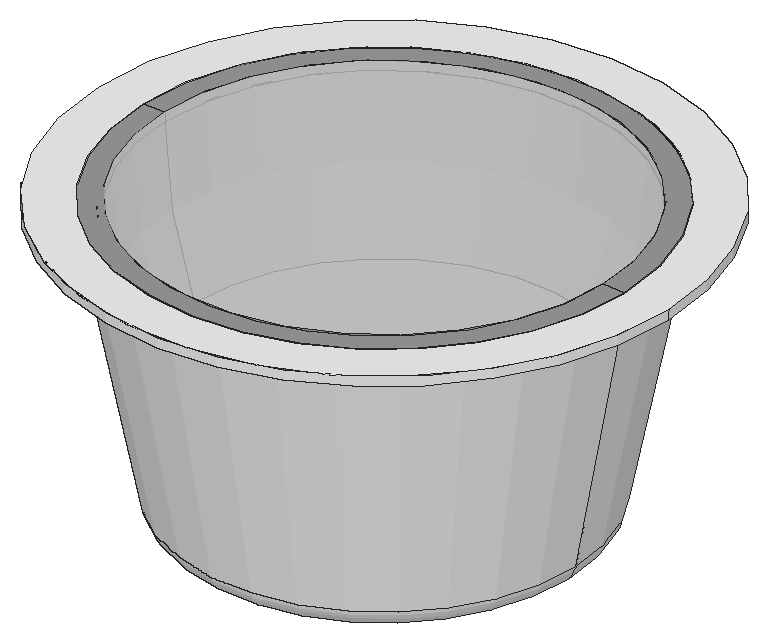
Revit family "2060550 Sylvania Lighting Fixture ASCENT 100 II ARCH 1900 3K STD 160", category Lighting Fixtures, host Face, Revit 2017
Family settings
  Host = Face
  Round Connector Dimension = Use Diameter
  Part Type = Normal
  OmniClass Number = 23.80.70.11.17
  OmniClass Title = Specialized Lighting by Location or Use
  Cut with Voids When Loaded = No
  Light Source = Yes
  Shared = No
  Room Calculation Point = No
Parameters (values of type "2060550 ASCT100 II ARCH 1900 3K STD 160 Emergency mode")
  WidthBezelAcc_SYL = 25.0 mm
  Weight = "1.2 kg"
  Wattage = 0 W
  WarrantyStartDate [instance] = "n/a"
  WarrantyGuarantorParts = "n/a"
  WarrantyDurationUnit = "n/a"
  WarrantyDurationParts = "n/a"
  WarrantyDescription = "n/a"
  built-in parameter 1150110 = 1 (stored number, unit not read)
  Voltage = 0 V
  VisibilityAccessory_SYL = no
  TypeName = "ASCT100 II ARCH 1900 3K STD 160 Emergency mode"
  built-in parameter 1114217 = 1 (stored number, unit not read)
  Tilt Angle = -90°
  built-in parameter 1150109 = 1 (stored number, unit not read)
  built-in parameter 1150134 = (empty or 0)
  built-in parameter 1150113 = 1 (stored number, unit not read)
  SerialNumber [instance] = "n/a"
  ReflectorRadius_SYL = Radius_SYL - 14.5 mm  # 80.0 mm
  RadiusAcc_SYL = 105.0 mm
  Radius_SYL = 94.5 mm
  URL = "http://www.sylvania-lighting.com"
  PowerFactor = 0
  PowerConsumption = "17 W"
  Photometric Web File = "2060550.ies"
  NominalWidth = 0.0 mm
  NominalLength = 0.0 mm
  NominalHeight = 94.0 mm
  Name = "ASCT100 II ARCH 1900 3K STD 160 Emergency mode"
  ModelReference = "ASCT100 II ARCH 1900 3K STD 160 Emergency mode"
  ModelNumber = "2060550"
  Material_4_SYL = none
  Material_3_SYL = Polycarbonate_Sylvania_Ascent_Opal
  Material_2_SYL = Aluminium_Sylvania_Ascent_Silver
  Material_1_SYL = Aluminum_Sylvania_Ascent_White
  Material = "aluminium housing, arcylic diffuser"
  ManufacturerName = "Feilo Sylvania"
  LuminousEfficacy = "109 lm/W"
  built-in parameter 1150105 = (empty or 0)
  Lumens = 0 lm
  LuminaireType = ""
  built-in parameter 1150115 = 1 (stored number, unit not read)
  LightOutputRatio = "100"
  built-in parameter 1150137 = (empty or 0)
  built-in parameter 1150139 = (empty or 0)
  LampsType = Lamp  # "LED"
  LampNominalLuminous = "1847 lm"
  LampMacAdamStep = "3"
  LampColourTemperature = "3000 K"
  LampColourRenderingIndex = "80"
  built-in parameter 1150112 = 1 (stored number, unit not read)
  built-in parameter 1150114 = 1 (stored number, unit not read)
  Keynote = "16500"
  InstallationDate [instance] = "n/a"
  InputVoltage = "n/a"
  InputNominalFrequency = "n/a"
  built-in parameter 1150132 = (empty or 0)
  built-in parameter 1150102 = (empty or 0)
  built-in parameter 1150107 = 3000 (stored number, unit not read)
  built-in parameter 1150138 = (empty or 0)
  IngressProtection = "IP40"
  ImpactProtectionIndex = "IK02"
  built-in parameter 1150106 = (empty or 0)
  IfcExportType = "IfcLightFixtureType"
  IfcExportAs = "IfcLightFixtureType"
  Height_SYL = 94.0 mm
  HeightAcc_SYL = 7.0 mm
  ExpectedLife = 50000
  EmittionSurface_SYL = if(VisibilityAccessory_SYL, 7.0 mm, 3.0 mm)  # 3.0 mm
  Emit from Circle Diameter = DiffuserRadius_SYL * 2  # 146.0 mm
  Emit Shape Visible in Rendering = no
  ElectricShockClassification = "Class II"
  built-in parameter 1150104 = 10.126 (stored number, unit not read)
  DurationUnit = "hours"
  DocumentationLiterature = "http://www.sylvania-lighting.com/product/en-int/products/2060550"
  DimmingControlOptions = "n/a"
  Dimming Lamp Color Temperature Shift = <None>
  DiffuserRadius_SYL = ReflectorRadius_SYL - 7.0 mm  # 73.0 mm
  Diameter_SYL = 2 * Radius_SYL  # 189.0 mm
  CutoutDiameter_SYL = Diameter_SYL - 13.0 mm  # 176.0 mm
  CreatedOn = "9/17/2018"
  CreatedBy = "@sylvania-lighting.com"
  Color Filter = 16777215
  built-in parameter 1114216 [instance] = 1 (stored number, unit not read)
  Model = "ASCT100 II ARCH 1900 3K STD 160 Emergency mode"
  Manufacturer = "Feilo Sylvania"
  Lamp = "LED"
  Description = "Direct LED retro fit for original LED 100 Arch (160) single CFL lamp offering Matching lumen levels and improved light distribution of original LED 100 CFL lamp equivalents Typically half the power consumption compared to CFL Up to 112lm/W 160mm aperture Architectural reflector accepts range of glass accessories from existing LED 100 Arch 160 offering HE, HO and VHO versions equivalent of single 1 x 18W, 1 x 32W, 1 x 42W\r\n Additional VVHO versions which offer the performance circa 2 x 32W equivalent"  # constant formula
  Default Elevation = 0.0 mm
  built-in parameter 1140040 [instance] = 1
  BarCode [instance] = "n/a"
  built-in parameter 1114218 = 1 (stored number, unit not read)
  built-in parameter 1150133 = 10 (stored number, unit not read)
  AssetType = "Fixed"
  AssetIdentifier [instance] = "n/a"
  Assembly Code = "D5020200"
  Apparent Load = 0 VA
  Aperture_SYL = 2 * ReflectorRadius_SYL  # 160.0 mm
Types (2, lengths in mm): name | Wattage | TypeName | Name | ModelReference | built-in parameter 1150105 | Lumens | built-in parameter 1150106 | Model | Apparent Load
  2060550 ASCT100 II ARCH 1900 3K STD 160 Emergency mode | 0 W | "ASCT100 II ARCH 1900 3K STD 160 Emergency mode" | "ASCT100 II ARCH 1900 3K STD 160 Emergency mode" | "ASCT100 II ARCH 1900 3K STD 160 Emergency mode" | (empty or 0) | 0 lm | (empty or 0) | "ASCT100 II ARCH 1900 3K STD 160 Emergency mode" | 0 VA
  2060550 ASCT100 II ARCH 1900 3K STD 160 | 17 W | "ASCENT 100 II ARCH 1900 3K STD 160" | "ASCENT 100 II ARCH 1900 3K STD 160" | "ASCENT 100 II ARCH 1900 3K STD 160" | 147.46 (stored number, unit not read) | 1853 lm | 1.4746 (stored number, unit not read) | "ASCENT 100 II ARCH 1900 3K STD 160" | 17 VA
Reference planes
  plane 1 "Center (Front/Back)": y = 0
  plane 2: z = 0
  plane 3 "Center (Left/Right)": x = 0
  plane 4 "Fixture Bottom": z = 3
  plane 5: z = -52.5
  plane 6 "Fixture Top": z = -91
  plane 7: x = -105
  plane 8: z = 7
  plane 9: x = -80
  plane 10: z = 5
  plane 11: x = -103
Forms (mm)
  Extrusion 1, solid, material "Aluminum_Sylvania_Ascent_White", detail levels fine
    sketch origin (0, 0, 0) x (1, 0, 0) y (0, 1, 0)
      loop
        circle (0, 0) r 94.5
      loop
        circle (0, 0) r 80
    from 0 to 3
  Extrusion 2, void
    sketch origin (0, 0, 0) x (1, 0, 0) y (0, 1, 0)
      loop
        circle (0, 0) r 88
    from -91 to 3
  Revolve 3, solid, material "Aluminum_Sylvania_Ascent_White" <- "Material_1_SYL", detail levels fine
    sketch origin (0, 0, 0) x (1, 0, 0) y (0, 0, 1)
      loop
        line (0, -91.073) -> (0, -89.023) -> (-55.468, -89.014)
        arc (-55.468, -89.014) -> (-59.352, -87.613) -> (-61.54, -84.139) r 6.307
        line (-61.54, -84.139) -> (-77.991, -2.844) -> (-77.991, 0) -> (-80, 0) -> (-80, -3) -> (-63.5, -84.536)
        arc (-63.5, -84.536) -> (-60.643, -89.203) -> (-55.5, -91.073) r 8.291
        line (-55.5, -91.073) -> (0, -91.073)
      axis (0, 0) -> (0, -91.073)
    angle from 0 to 360
  Revolve 4, solid, material "Aluminium_Sylvania_Ascent_Silver" <- "Material_2_SYL", detail levels fine
    sketch origin (0, 0, 0) x (1, 0, 0) y (0, 0, 1)
      loop
        line (-80, 3) -> (-80, 0) -> (-75, 0)
        arc (-75, 0) -> (-72.349, -26.77) -> (-64.5, -52.5) r 136.5
        line (-64.5, -52.5) -> (-58, -52.5)
        arc (-58, -52.5) -> (-56.857, -61.521) -> (-53.5, -69.971) r 36.166
        line (-53.5, -69.971) -> (0, -69.971) -> (0, -50.5) -> (-63.16, -50.5)
        arc (-63.16, -50.5) -> (-70.517, -25.725) -> (-73, 0) r 134.5
        line (-73, 0) -> (-73, 3) -> (-80, 3)
      axis (0, 3) -> (0, -69.971)
    angle from 0 to 360
  Extrusion 5, solid, material "Polycarbonate_Sylvania_Ascent_Opal" <- "Material_3_SYL", detail levels fine
    sketch origin (0, 0, 0) x (1, 0, 0) y (0, 1, 0)
      loop
        circle (0, 0) r 73
    from 0 to 3
  Revolve 6, solid, material "Aluminum_Sylvania_Ascent_White" <- "Material_1_SYL", detail levels coarse+medium
    sketch origin (0, 0, 0) x (1, 0, 0) y (0, 0, 1)
      loop
        line (0, -91.073) -> (0, 3) -> (-94.5, 3) -> (-94.5, 0) -> (-79.5, 0) -> (-79.5, -3) -> (-63, -84.536)
        arc (-63, -84.536) -> (-60.143, -89.203) -> (-55, -91.073) r 8.291
        line (-55, -91.073) -> (0, -91.073)
      axis (0, 3) -> (0, -91.073)
    angle from 0 to 360
  Revolve 7, solid, material "Aluminum_Sylvania_Ascent_White" <- "Material_1_SYL", visible <- "VisibilityAccessory_SYL"
    sketch origin (0, 0, 0) x (1, 0, 0) y (0, 0, 1)
      loop
        line (-105, 0) -> (-103, 0) -> (-103, 5) -> (-80, 5) -> (-80, 7) -> (-105, 7) -> (-105, 0)
      axis (0, 7) -> (0, 0)
    angle from 0 to 360
  Revolve 8, solid, material "Polycarbonate_Sylvania_Ascent_Opal" <- "Material_3_SYL", visible <- "VisibilityAccessory_SYL"
    sketch origin (0, 0, 0) x (1, 0, 0) y (0, 0, 1)
      loop
        line (-80, 7) -> (-80, 5) -> (0, 5) -> (0, 7) -> (-80, 7)
      axis (0, 7) -> (0, 5)
    angle from 0 to 360
Lines and regions (mm)
  reference lines
    curve 1: line (-150, 0, 3) -> (125, 0, 3)
Dimensions and locks
  locked: plane 4 "Fixture Bottom" to plane 2 at 3
  "Height_SYL": plane 4 "Fixture Bottom" to plane 6 "Fixture Top"
  "ReflectorRadius_SYL": plane 3 "Center (Left/Right)" to Revolve 4 sketch curve
  locked: Revolve 4 sketch curve to Revolve 4 sketch curve at 15.5
  locked: Revolve 4 sketch curve to Revolve 4 sketch curve at 5
  locked: Revolve 4 sketch curve to Revolve 4 sketch curve at 7
  locked: Revolve 4 sketch curve to Revolve 4 sketch curve at 22
  locked: Revolve 4 sketch curve to Revolve 4 sketch curve at 26.5
  locked: Revolve 3 sketch curve to Revolve 3 sketch curve at 16.5
  locked: Revolve 3 sketch curve to Revolve 3 sketch curve at 24.5
  "ReflectorRadius_SYL": Revolve 3 sketch curve to plane 3 "Center (Left/Right)"
  locked: Revolve 3 sketch curve to plane 6 "Fixture Top" at 6.464
  locked: plane 2 to Revolve 3 sketch curve at 3
  locked: Revolve 3 sketch curve to Revolve 3 sketch curve at 2
  locked: Revolve 3 sketch curve to Revolve 3 sketch curve at 2.009
  locked: plane 2 to plane 5 at 52.5
  locked: Revolve 6 sketch curve to Revolve 6 sketch curve at 31.5
  locked: Revolve 6 sketch curve to Revolve 6 sketch curve at 39.5
  locked: Revolve 6 sketch curve to Revolve 6 sketch curve at 15
  "Radius_SYL": plane 3 "Center (Left/Right)" to Revolve 6 sketch curve
  "RadiusAcc_SYL": plane 3 "Center (Left/Right)" to plane 7
  "HeightAcc_SYL": plane 8 to level
  "WidthBezelAcc_SYL": plane 7 to plane 9
  locked: plane 7 to plane 11 at 2
  locked: plane 8 to plane 10 at 2
  "EmittionSurface_SYL": curve 1 to level
  "CutoutDiameter_SYL": diameter of Extrusion 2 sketch curve
  "ReflectorRadius_SYL": radius of Extrusion 1 sketch curve
  "DiffuserRadius_SYL": radius of Extrusion 5 sketch curve
  "Radius_SYL": radius of Extrusion 1 sketch curve
  aligned and locked: host face to plane 2
  aligned and locked: host face to level
  aligned and locked: plane 4 "Fixture Bottom" to Extrusion 1
  aligned and locked: Extrusion 1 to plane 2
  aligned and locked: Revolve 3 sketch curve to plane 3 "Center (Left/Right)"
  aligned and locked: Revolve 4 sketch curve to plane 3 "Center (Left/Right)"  (x2)
  aligned and locked: plane 4 "Fixture Bottom" to Revolve 4 sketch curve
  aligned and locked: Extrusion 5 to plane 2
  aligned and locked: plane 2 to Revolve 3 sketch curve  (x2)
  aligned and locked: Revolve 6 sketch curve to plane 3 "Center (Left/Right)"
  aligned and locked: plane 6 "Fixture Top" to Extrusion 2
  aligned and locked: Revolve 7 sketch curve to plane 3 "Center (Left/Right)"
  aligned and locked: host face to Revolve 7 sketch curve  (x2)
  aligned and locked: Revolve 7 sketch curve to plane 7
  aligned and locked: plane 8 to Revolve 7 sketch curve
  aligned and locked: plane 9 to Revolve 7 sketch curve
  aligned and locked: Revolve 7 sketch curve to plane 10
  aligned and locked: plane 11 to Revolve 7 sketch curve
  aligned and locked: Revolve 7 to Revolve 8 sketch curve
  aligned and locked: Revolve 8 sketch curve to Revolve 7  (x2)
  aligned and locked: Revolve 8 sketch curve to plane 3 "Center (Left/Right)"  (x2)
  aligned and locked: plane 3 "Center (Left/Right)" to imposter light
  aligned and locked: imposter light to plane 1 "Center (Front/Back)"
  aligned and locked: imposter light to curve 1
Automatic sketch dimensions
  plane 1 "Center (Front/Back)" to Extrusion 2 sketch curve = 0.0 mm
  Extrusion 2 sketch curve to plane 3 "Center (Left/Right)" = 0.0 mm
  Extrusion 1 sketch curve to Extrusion 1 sketch curve = 0.0 mm  (x2)
  plane 1 "Center (Front/Back)" to Extrusion 1 sketch curve = 0.0 mm
  Extrusion 1 sketch curve to plane 3 "Center (Left/Right)" = 0.0 mm
  plane 6 "Fixture Top" to Revolve 3 sketch curve = 0.073 mm
  Revolve 3 sketch curve to plane 6 "Fixture Top" = 6.861 mm
  Revolve 3 sketch curve to Revolve 3 sketch curve = 0.003 mm
  Revolve 3 sketch curve to Revolve 3 sketch curve = 0.009 mm  (x2)
  Revolve 3 sketch curve to Revolve 3 sketch curve = 0.023 mm
  Revolve 3 sketch curve to Revolve 3 sketch curve = 0.072 mm
  Revolve 3 sketch curve to Revolve 3 sketch curve = 0.008 mm
  Revolve 3 sketch curve to plane 6 "Fixture Top" = 1.977 mm
  Revolve 3 sketch curve to Revolve 3 sketch curve = 33.496 mm
  Revolve 3 sketch curve to Revolve 3 sketch curve = 0.028 mm
  plane 4 "Fixture Bottom" to Revolve 3 sketch curve = 82.431 mm
  Revolve 4 sketch curve to Revolve 4 sketch curve = 0.0 mm  (x2)
  Revolve 4 sketch curve to plane 5 = 0.0 mm
  Revolve 4 sketch curve to level = 0.0 mm
  plane 5 to Revolve 4 sketch curve = 2.0 mm
  plane 4 "Fixture Bottom" to Revolve 4 sketch curve = 9.642 mm
  plane 1 "Center (Front/Back)" to Extrusion 5 sketch curve = 0.0 mm
  Extrusion 5 sketch curve to plane 3 "Center (Left/Right)" = 0.0 mm
  Revolve 4 sketch curve to level = 69.971 mm
  Revolve 4 sketch curve to Revolve 4 sketch curve = 2.387 mm
  Revolve 6 sketch curve to level = 0.0 mm
  Revolve 6 sketch curve to plane 3 "Center (Left/Right)" = 0.0 mm
  Revolve 6 sketch curve to Revolve 6 sketch curve = 8.104 mm
  Revolve 6 sketch curve to level = 3.0 mm
  Revolve 6 sketch curve to plane 6 "Fixture Top" = 6.464 mm
  plane 6 "Fixture Top" to Revolve 6 sketch curve = 0.073 mm
  Revolve 6 sketch curve to Revolve 6 sketch curve = 33.496 mm
  plane 4 "Fixture Bottom" to Revolve 6 sketch curve = 82.431 mm
  host sketch curve to host sketch curve = 1704.996 mm
  host sketch curve to host sketch curve = 1500.0 mm
  plane 6 "Fixture Top" to Revolve 7 sketch curve = 281.274 mm
  Revolve 7 sketch curve to plane 8 = 1140.706 mm
  plane 6 "Fixture Top" to Revolve 8 sketch curve = 281.274 mm
  Revolve 8 sketch curve to Revolve 8 sketch curve = 1140.706 mm
  Revolve 3 sketch curve to plane 3 "Center (Left/Right)" = 0.0 mm
  Revolve 6 sketch curve to plane 4 "Fixture Bottom" = 0.0 mm
  plane 7 to curve 1 = 45.0 mm
  plane 3 "Center (Left/Right)" to curve 1 = 125.0 mm
Connectors
  electrical at (0, 0, -91.073), driven by "Apparent Load"
    settings: on Revolve 3, index 1, voltage 240 V, apparent load 0 VA, apparent load phase1 0 VA, apparent load phase2 0 VA, apparent load phase3 0 VA, power factor 1, load classification "Lighting", number of poles 1, system type 31, power factor state 1, is connector primary yes, connector utility no, sub classification motor no, connector description ""
